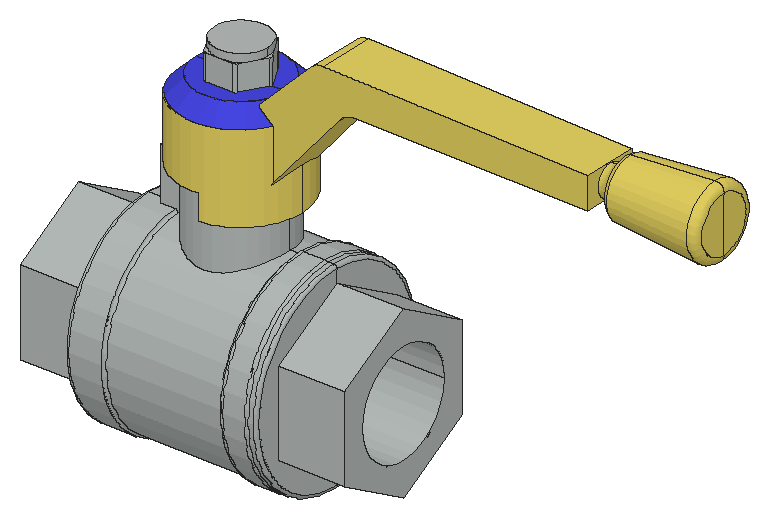
Revit family "QP00100000", category Apparecchi idraulici, Revit 2020
Family settings
  Quota connettore circolare = Usa diametro
  Tipo di parte = Normale
  Numero OmniClass = 23.45.00.00
  Titolo OmniClass = Sanitary, Laundry, and Cleaning Equipment
  Basato su piano di lavoro = No
  Sempre verticale = Sì
  Taglio con vuoti quando caricato = No
  Condiviso = No
  Punto di calcolo locali = No
Parameters
  URL = "https://web.cimberio.it/index.php/figura/70?subcategoria_id="
  Temperatura di esercizio = "-20 ÷ 60°C"
  Prospetto di default = 0 mm
  Produttore = "CIMBERIO SPA"
  Pressione nominale = "MOP 5"
  Modello = "Cim 10G"
  Materiale = "Prodotto in lega di ottone conforme alla norma EN 12165-CW617N-DW"
  Descrizione = "Utilizzato nell’impiantistica distributiva di gas a bassa pressione per le categorie:\r\nGas naturali: gas derivati dal petrolio (Metano) e gas di ricambio.\r\nGas di città: prodotti secondo i diversi procedimenti (Cracking - Cokerie - ecc.).\r\nGas liquidi: propano e miscele di gas propano/butano."
  DN Model [instance] = QP00101032 : QP00101032
  DN [instance] = 32 mm
  Commenti sul tipo = "Realizzato in ottemperanza ai requisiti gestionali della norma EN ISO 9001.\r\nCollaudato al 100% secondo la normativa EN 12266-1."
Reference planes
  plane 1 "Centro (Fronte/Retro)": y = 0
  plane 2: z = 0
  plane 3 "Centro (Sinistra/Destra)": x = 0
Dimensions and locks
  aligned and locked: level to plane 2
Nested families
  nested 1: "QP00101032" at (0, 0, 0), type <- "DN Model", type "QP00101032"
  nested 2: "QP00101032" at (0, 0, 0), type <- "DN Model", type "QP00101032"
  nested 3: "QP00101032" at (0, 0, 0), type <- "DN Model", type "QP00101032"
  nested 4: "QP00101032" at (0, 0, 0), type <- "DN Model", type "QP00101032"
  nested 5: "QP00101032" at (0, 0, 0), type <- "DN Model", type "QP00101032"
  nested 6: "QP00101032" at (0, 0, 0), type <- "DN Model", type "QP00101032"
  nested 7: "QP00101032" at (0, 0, 0), type <- "DN Model", type "QP00101032"
  nested 8: "QP00101032" at (0, 0, 0), type <- "DN Model", type "QP00101032"
  nested 9: "QP00101032" at (0, 0, 0), type <- "DN Model", type "QP00101032"
  nested 10: "QP00101032" at (0, 0, 0), type <- "DN Model", type "QP00101032"
  nested 11: "QP00101032" at (0, 0, 0), type <- "DN Model", type "QP00101032"
Connectors
  piping at (50.25, 0, 0), diameter 32, driven by "DN"
    settings: on nested 1, index 1, connector inside diameter 609.6 mm, connector length 0 mm, flow factor 0, pipe flow 0.0 L/s, pressure drop 0.0 Pa, fitting loss kfactor 0, connector angle 0.00°, fixture units 0, engagement length 0 mm, angle of deflection 0.00°, flow configuration 0, flow direction 0, fitting loss method 0, system type 7, joint type 0, gender type 0, connector reference index -1, connector utility 0, adjustable connector no, is connector primary yes, connector description ""
  piping at (-50.25, 0, 0), diameter 32, driven by "DN"
    settings: on nested 1, index 2, connector inside diameter 609.6 mm, connector length 0 mm, flow factor 0, pipe flow 0.0 L/s, pressure drop 0.0 Pa, fitting loss kfactor 0, connector angle 0.00°, fixture units 0, engagement length 0 mm, angle of deflection 0.00°, flow configuration 0, flow direction 0, fitting loss method 0, system type 7, joint type 0, gender type 0, connector reference index -1, connector utility 0, adjustable connector no, is connector primary no, connector description ""
Definition of nested family "QP00101032"
  Parameters (values of type "QP00101032")
    Default Elevation = 0 mm
  Reference planes
    plane 1 "Centro (Fronte/Retro)": y = 0
    plane 2: z = 0
    plane 3 "Centro (Sinistra/Destra)": x = 0
  Forms (mm)
    Revolve 1, solid
      sketch origin (0, 0, 0) x (1, 0, 0) y (0, 0, 1)
        loop
          line (-29.556, 22.413) -> (29.556, 22.413) -> (29.556, 30.061)
          arc (29.556, 30.061) -> (29.26, 30.776) -> (28.546, 31.072) r 1.01
          line (28.546, 31.072) -> (26.962, 31.072) -> (26.02, 31.324) -> (19.288, 31.324)
          arc (19.288, 31.324) -> (18.794, 31.296) -> (18.455, 30.936) r 0.668
          arc (18.455, 30.936) -> (18.169, 30.488) -> (17.668, 30.314) r 0.808
          line (17.668, 30.314) -> (-17.668, 30.314)
          arc (-17.668, 30.314) -> (-18.234, 30.531) -> (-18.509, 31.072) r 0.846
          line (-18.509, 31.072) -> (-28.546, 31.072)
          arc (-28.546, 31.072) -> (-29.26, 30.776) -> (-29.556, 30.062) r 1.01
          line (-29.556, 30.062) -> (-29.556, 22.413)
        axis (-29.556, 0) -> (29.556, 0)
      angle from 0 to 360
    Extrusion 2, solid
      sketch origin (0, 0, 0) x (0, 1, 0) y (0, 0, 1)
        loop
          circle (0, 0) r 16
        loop
          line (0, -26.25) -> (22.733, -13.125) -> (22.733, 13.125) -> (0, 26.25) -> (-22.733, 13.125) -> (-22.733, -13.125) -> (0, -26.25)
      from -50.25 to -28.546
    Extrusion 3, solid
      sketch origin (0, 0, 0) x (0, 1, 0) y (0, 0, -1)
        loop
          circle (0, 0) r 16
        loop
          line (0, 26.25) -> (-22.733, 13.125) -> (-22.733, -13.125) -> (0, -26.25) -> (22.733, -13.125) -> (22.733, 13.125) -> (0, 26.25)
      from -50.25 to -28.546
    Extrusion 4, solid
      sketch origin (0, 0, 0) x (1, 0, 0) y (0, 1, 0)
        loop
          circle (0, 0) r 15
        loop
          circle (0, 0) r 10
      from 17.617 to 67.442
    Revolve 5, solid
      sketch origin (0, 0, 0) x (1, 0, 0) y (0, 0, 1)
        loop
          line (0, 73.966) -> (-13.894, 73.966) -> (-18.946, 68.914) -> (-18.946, 41.891) -> (-15.446, 41.891) -> (-15.446, 68.914) -> (0, 68.914) -> (0, 73.966)
        axis (0, 73.966) -> (0, 41.891)
      angle from 0 to 360
    Extrusion 6, void
      sketch origin (0, 0, 0) x (1, 0, 0) y (0, 1, 0)
        loop
          arc (-18.946, 0) -> (-12.738, -14.025) -> (1.819, -18.859) r 18.946
          line (1.819, -18.859) -> (1.819, -15.339)
          arc (1.819, -15.339) -> (-10.259, -11.547) -> (-15.446, 0) r 15.446
          line (-15.446, 0) -> (-18.946, 0)
      from 41.891 to 49.715
    Extrusion 7, solid
      sketch origin (0, 0, 0) x (1, 0, 0) y (0, 1, 0)
        loop
          line (9.364, 0.576) -> (5.207, 7.776)
          arc (5.207, 7.776) -> (4.752, 8.231) -> (4.131, 8.398) r 1.243
          line (4.131, 8.398) -> (-4.135, 8.398)
          arc (-4.135, 8.398) -> (-4.753, 8.232) -> (-5.205, 7.78) r 1.235
          line (-5.205, 7.78) -> (-9.361, 0.581)
          arc (-9.361, 0.581) -> (-9.517, 0) -> (-9.361, -0.581) r 1.162
          line (-9.361, -0.581) -> (-5.181, -7.822)
          arc (-5.181, -7.822) -> (-4.759, -8.243) -> (-4.184, -8.398) r 1.151
          line (-4.184, -8.398) -> (4.153, -8.398)
          arc (4.153, -8.398) -> (4.755, -8.236) -> (5.196, -7.795) r 1.204
          line (5.196, -7.795) -> (9.364, -0.576)
          arc (9.364, -0.576) -> (9.519, 0) -> (9.364, 0.576) r 1.151
      from 73.966 to 81.747
    Extrusion 8, solid
      sketch origin (0, 0, 0) x (1, 0, 0) y (0, 1, 0)
        loop
          circle (0, 0) r 8.3
      from 81.747 to 84.071
    Extrusion 9, solid
      sketch origin (0, 0, 0) x (1, 0, 0) y (0, 1, 0)
        loop
          line (-23.241, 0) -> (-23.241, -2.103) -> (-12.933, -2.103) -> (-12.933, 0) -> (-23.241, 0)
      from 26.237 to 47.189
    Extrusion 10, solid
      sketch origin (0, 0, 0) x (1, 0, 0) y (0, 0, 1)
        loop
          line (12.753, 73.583) -> (16.541, 52.602) -> (37.876, 78.203)
          arc (37.876, 78.203) -> (39.622, 79.548) -> (41.775, 80.021) r 5.052
          line (41.775, 80.021) -> (114.183, 79.776) -> (114.183, 89.376) -> (32.469, 91.099)
          arc (32.469, 91.099) -> (30.477, 90.735) -> (28.788, 89.618) r 5.052
          line (28.788, 89.618) -> (12.753, 73.583)
      from -8.66 to 8.66
    Revolve 11, solid
      sketch origin (0, 0, 0) x (1, 0, 0) y (0, 0, 1)
        loop
          line (146.838, 95.691) -> (120.62, 93.772)
          arc (120.62, 93.772) -> (119.245, 92.871) -> (118.344, 91.495) r 4.028
          arc (118.344, 91.495) -> (116.524, 89.923) -> (114.183, 89.375) r 5.03
          line (114.183, 89.375) -> (114.183, 84.576) -> (149.549, 84.576) -> (149.549, 93.172)
          arc (149.549, 93.172) -> (148.743, 95.022) -> (146.838, 95.691) r 2.526
        axis (114.183, 84.576) -> (149.549, 84.576)
      angle from 0 to 360
  Cuts and joins
    Extrusion 6 cuts Revolve 1
    Extrusion 6 cuts Revolve 5
  Dimensions and locks
    aligned and locked: level to plane 2
